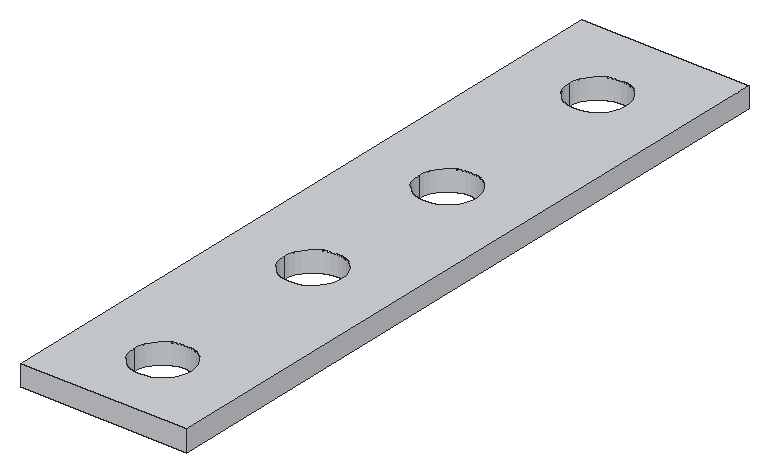
Revit family "MP4", category Generic Models, Revit 2017
Family settings
  Can host rebar = No
  Round Connector Dimension = Use Diameter
  Part Type = Normal
  Work Plane-Based = Yes
  Always vertical = No
  Cut with Voids When Loaded = No
  Shared = No
  Room Calculation Point = No
Parameters (values of type "NBS Standard Parameters")
  Weight = "0.276Kg"
  WarrantyStartDate [instance] = "1900-12-31T23:59:59"
  WarrantyGuarantorParts = "n/a"
  WarrantyGuarantorLabor = "n/a"
  WarrantyDurationUnit = "1 year"
  WarrantyDurationParts = "n/a"
  WarrantyDurationLabor = "n/a"
  WarrantyDescription = "n/a"
  Version = "1"
  Uniclass2 = "Pr_65_70_11_19"
  TagNumber [instance] = "n/a"
  SustainabilityPerformance = "n/a"
  Size = "n/a"
  Shape = "Flat"
  SerialNumber [instance] = "n/a"
  Revision = "n/a"
  ReplacementCost = "n/a"
  ProductInformation = "www.metpro.co.uk/pdf/mp4.pdf"
  NominalWidth = 40 mm
  NominalLength = 168 mm
  NominalHeight = 5 mm
  Name = ""
  NBSTypeID = ""
  NBSReference = "90-55-10/305"
  NBSOfficeMasterTag = ""
  NBSNote = ""
  NBSDescription = "Channel Cable Supports"
  NBSCertification = ""
  ModelReference = "MP4"
  ModelNumber = "n/a"
  Material = "Steel"
  ManufacturerURL = "www.metpro.co.uk"
  ManufacturerName = "Metpro Ltd"
  Keynote = "Compliant to LU Standard 1-085"
  InstallationDate [instance] = "1900-12-31T23:59:59"
  IfcExportType = ""
  IfcExportAs = ""
  Grade = "n/a"
  Finish = "Hot dipped Galvanised"
  Features = "n/a"
  ExpectedLife = "n/a"
  DurationUnit = "year"
  Description = "MP4 Splice Plate 4 hole"
  Default Elevation = 1219.2 mm
  Constituents = "n/a"
  Color = "n/a"
  CodePerformance = "n/a"
  Category = "n/a"
  BarCode [instance] = "n/a"
  BIMObjectName = "metpro_metprolibrary_channelcablesupport_channelbracket"
  Author = "Metpro Ltd"
  AssetType = ""
  AssetIdentifier [instance] = "n/a"
  AccessibilityPerformance = "n/a"
Reference planes
  plane 1 "Center (Front/Back)": y = 0
  plane 2: z = 0
  plane 3 "Center (Left/Right)": x = 0
Forms (mm)
  Extrusion 1, solid
    sketch origin (-35.416, 105.043, 0) x (1, 0, 0) y (0, 1, 0)
      loop
        line (-20.658, 61.478) -> (-20.658, -106.522) -> (19.342, -106.522) -> (19.342, 61.478) -> (-20.658, 61.478)
      loop
        circle (-0.794, -88.72) r 7
      loop
        circle (-0.436, 41.133) r 7
      loop
        circle (-0.436, -3.867) r 7
      loop
        circle (-0.794, -43.72) r 7
    from 0 to 5
Dimensions and locks
  aligned and locked: level to plane 2
